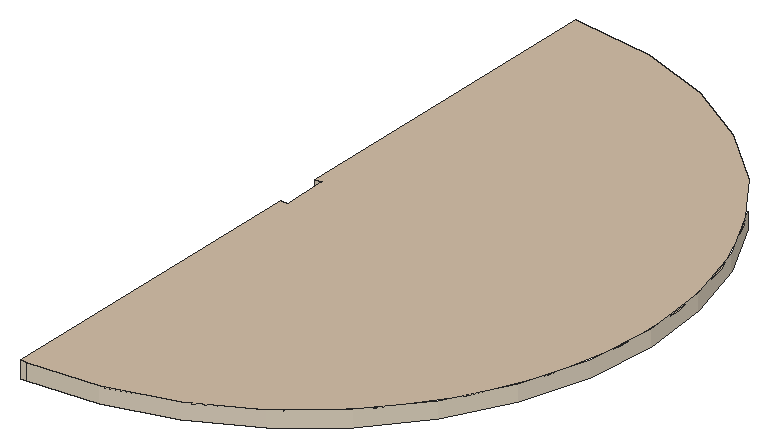
Revit family "M_Sistema de mobiliário-superfície de trabalho-meio círculo", category Sistema de mobiliário, Revit 2019
Family settings
  Cota do conector redondo = Utilizar diâmetro
  Tipo de parte = Normal
  Número OmniClass = 23.40.70.14.64.21
  Título OmniClass = Systems Furniture
  Com base no plano de trabalho = Não
  Sempre na vertical = Sim
  Corte com vazios quando carregada = Não
  Compartilhado = Não
  Ponto de cálculo do ambiente = Não
Parameters (values of type "1280 x 600mm")
  Material da superfície de trabalho [instance] = Laminado plástico – Carvalho branco
  Comentários de tipos = "Superfície de trabalho em meio círculo de 1280 x 600 mm"
  Espessura = 30 mm
  Largura = (Linear * 2) + 80 mm  # 1280 mm
  Model = ""
  Manufacturer = ""
  Altura = 750 mm
  Material da aresta [instance] = Laminado plástico – Bege – Claro – Suave
  Description = ""
  Linear = 600 mm
Types (2, lengths in mm): name | Comentários de tipos | Largura | Linear
  1280 x 600mm | "Superfície de trabalho em meio círculo de 1280 x 600 mm" | 1280 | 600
  1580 x 750mm | "Superfície de trabalho em meio círculo de 1580 x 750 mm" | 1580 | 750
Reference planes
  plane 1 "Centro F/T": y = 0
  plane 2: z = 0
  plane 3 "Centro E/D": x = 0
  plane 4 "Parte frontal": y = -600
  plane 5 "Direita": x = 652.5
  plane 6 "Superior": z = 750
  plane 7 "Inferior": z = 720
  plane 8: y = 80
  plane 9: x = 12.5
  plane 10 "Parte posterior": y = 680
  plane 11: y = 40
  plane 12: x = 52.5
Forms (mm)
  Extrusion 1, solid, material "Laminado plástico – Carvalho branco" <- "Material da superfície de trabalho"
    sketch origin (38.1, 704.85, 0) x (1, 0, 0) y (0, 1, 0)
      loop
        line (-38.1, -24.85) -> (-38.1, -624.85) -> (-25.6, -624.85) -> (-25.6, -704.85) -> (-38.1, -704.85) -> (-38.1, -1304.85) -> (-25.6, -1304.85)
        arc (-25.6, -1304.85) -> (614.4, -664.85) -> (-25.6, -24.85) r 640
        line (-25.6, -24.85) -> (-38.1, -24.85)
    from 720 to 750
Lines and regions (mm)
  Masking region 1
    outline origin (-278.027, 310.483, 0) x (1, 0, 0) y (0, 1, 0)
      loop
        line (278.027, 369.517) -> (278.027, -230.483) -> (290.527, -230.483) -> (290.527, -310.483) -> (278.027, -310.483) -> (278.027, -910.483) -> (290.527, -910.483)
        arc (290.527, -910.483) -> (930.527, -270.483) -> (290.527, 369.517) r 640
        line (290.527, 369.517) -> (278.027, 369.517)
Dimensions and locks
  "Linear": plane 4 "Parte frontal" to plane 1 "Centro F/T"
  "Espessura": plane 6 "Superior" to plane 7 "Inferior"
  locked: plane 3 "Centro E/D" to plane 9 at 12.5
  "Linear": plane 10 "Parte posterior" to plane 8
  equal spacing: plane 8, plane 11, plane 1 "Centro F/T"
  locked: plane 9 to plane 12 at 40
  "Linear": plane 12 to plane 5 "Direita"
  "Altura": plane 6 "Superior" to plane 2
  locked: plane 8 to plane 1 "Centro F/T" at 80
  aligned: plane 3 "Centro E/D" to Extrusion 1 sketch curve
  aligned and locked: level to plane 2
  aligned and locked: plane 6 "Superior" to Extrusion 1
  aligned and locked: plane 7 "Inferior" to Extrusion 1
  aligned: plane 3 "Centro E/D" to Masking region 1 sketch curve  (x2)
  aligned and locked: plane 3 "Centro E/D" to Extrusion 1 sketch curve
  aligned and locked: Extrusion 1 sketch curve to plane 3 "Centro E/D"
  aligned and locked: Extrusion 1 sketch curve to plane 9
  aligned and locked: plane 8 to Extrusion 1 sketch curve
  aligned and locked: plane 1 "Centro F/T" to Extrusion 1 sketch curve
  aligned and locked: Extrusion 1 sketch curve to plane 10 "Parte posterior"
  aligned and locked: plane 9 to Extrusion 1 sketch curve  (x2)
  aligned and locked: Extrusion 1 sketch curve to plane 4 "Parte frontal"
  aligned and locked: plane 3 "Centro E/D" to Masking region 1 sketch curve  (x2)
  aligned and locked: plane 9 to Masking region 1 sketch curve  (x3)
  aligned and locked: plane 8 to Masking region 1 sketch curve
  aligned and locked: Masking region 1 sketch curve to plane 1 "Centro F/T"
  aligned and locked: Masking region 1 sketch curve to plane 10 "Parte posterior"
  aligned and locked: plane 4 "Parte frontal" to Masking region 1 sketch curve
